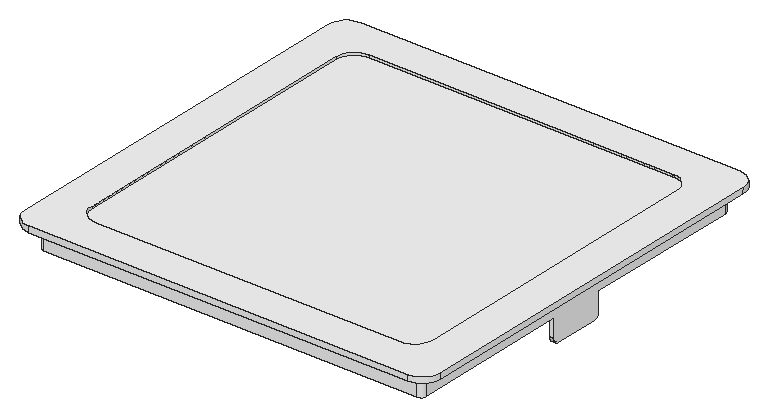
Revit family "0053893", category Lighting Fixtures, host Face, Revit 2016
Family settings
  Host = Face
  Part Type = Normal
  Round Connector Dimension = Use Diameter
  OmniClass Number = 23.80.70.11.14.11
  OmniClass Title = Downlights
  Cut with Voids When Loaded = No
  Light Source = Yes
  Shared = No
  Room Calculation Point = No
Parameters (values of type "0053893 ST eco Downlight Flat 206 Sq IP44 1750lm 830 DIM ")
  Weight = "7.94 kg"
  Wattage Comments = "n/a"
  Wattage = 18 W
  WarrantyStartDate [instance] = "n/a"
  WarrantyGuarantorParts = "n/a"
  WarrantyDurationUnit = "year"
  WarrantyDurationParts = "n/a"
  WarrantyDescription = "n/a"
  built-in parameter 1150110 = 1 (stored number, unit not read)
  Voltage = 230 V
  URL = "http://www.sylvania-lighting.com"
  TypeName = "ST eco Downlight Flat 206 Sq IP44 1750lm 830 DIM"
  Type Image = <None>
  Type Comments = "n/a"
  built-in parameter 1114217 = 1 (stored number, unit not read)
  Tilt Angle = -90.00°
  built-in parameter 1150109 = 1 (stored number, unit not read)
  built-in parameter 1150134 = (empty or 0)
  built-in parameter 1150113 = 1 (stored number, unit not read)
  SerialNumber [instance] = "n/a"
  ReflectorMaterial = none
  RecessedHeight_FEILO = 25 mm
  RecessedDiameter_FEILO = 209 mm
  PowerFactor = 0
  PowerConsumption = "18 W"
  Photometric Web File = "0053893.ies"
  NominalLength = 226 mm
  NominalHeight = 25 mm
  NominalDepth = 226 mm
  Name = "ST eco Downlight Flat 206 Sq IP44 1750lm 830 DIM"
  ModelReference = Name  # "ST eco Downlight Flat 206 Sq IP44 1750lm 830 DIM"
  ModelNumber = "0053893"
  Model = Name  # "ST eco Downlight Flat 206 Sq IP44 1750lm 830 DIM"
  Material = "Aluminium"
  ManufacturerName = "Feilo Sylvania"
  Manufacturer = "Feilo Sylvania"
  LuminousEfficacy = "97.22 lm/W"
  built-in parameter 1150105 = 139.26 (stored number, unit not read)
  Lumens = 1750 lm
  LuminaireType = "LED recessed downlight"
  built-in parameter 1150115 = 1 (stored number, unit not read)
  LightOutputRatio = "1"
  built-in parameter 1150137 = (empty or 0)
  built-in parameter 1150139 = (empty or 0)
  LampsType = Lamp  # "LED"
  LampNominalLuminous = "1750 lm"
  LampMacAdamStep = "n/a"
  LampColourTemperature = "3000 K"
  LampColourRenderingIndex = "80"
  built-in parameter 1150112 = 1 (stored number, unit not read)
  built-in parameter 1150114 = 1 (stored number, unit not read)
  Lamp = "LED"
  Keynote = "16500"
  InstallationDate [instance] = "n/a"
  InputVoltage = "220-240V~"
  InputNominalFrequency = "50/60 Hz"
  built-in parameter 1150132 = (empty or 0)
  built-in parameter 1150102 = (empty or 0)
  built-in parameter 1150107 = 3000 (stored number, unit not read)
  built-in parameter 1150138 = (empty or 0)
  IngressProtection = "IP44"
  ImpactProtectionIndex = "IK06"
  built-in parameter 1150106 = 1.3926 (stored number, unit not read)
  IfcExportType = "IfcLightFixtureType"
  IfcExportAs = "IfcLightFixtureType"
  ExpectedLife = 50000
  Emit from Rectangle Width = BodyLength_FEILO - 48 mm  # 178 mm
  Emit from Rectangle Length = BodyLength_FEILO - 48 mm  # 178 mm
  Emit Shape Visible in Rendering = no
  ElectricShockClassification = "Class II"
  built-in parameter 1150104 = 9.0322 (stored number, unit not read)
  DurationUnit = "hours"
  DocumentationLiterature = "http://www.sylvania-lighting.com/product/en-int/products/0053893"
  DimmingControlOptions = "Dimmable"
  Dimming Lamp Color Temperature Shift = <None>
  DiffuserMaterial = Diffuser-Sylvania-Glow
  Description = "Integrated LED recessed downlight providing 1150 fixture lumens at a wattage of 18W giving a high efficacy of 64lm/W. Fitting includes Leading/Trailing edge phase dimmable driver and has a square ceiling cut out of 206x206mm with an IP20 and IK02 rating providing uniform distribution with an Opal diffuser and 110° beam angle. Provided including a Loop in Loop out box and built Built white aluminium housing."
  Default Elevation = 1219.2 mm
  CutoutHeight_FEILO = 32 mm
  CreatedOn = "03-11-2017"
  CreatedBy = "aron.fodor@feilosylvania.com"
  Cost = 0
  Color Filter = 16777215
  built-in parameter 1114216 [instance] = (empty or 0)
  ClassificationValue = "EF_70_80"
  ClassificationName = "Uniclass2015"
  BodyWidth_FEILO = BodyLength_FEILO  # 226 mm
  BodyRadiusUpper = 3 mm
  BodyRadius = 10 mm
  BodyMaterial = Body-Sylvania-SylFlatDimmable-White
  BodyLength_FEILO = 226 mm
  BodyHeight_FEILO = 12 mm
  BarCode [instance] = "n/a"
  built-in parameter 1114218 = 1 (stored number, unit not read)
  built-in parameter 1150133 = 10 (stored number, unit not read)
  AssetType = "Fixed"
  AssetIdentifier [instance] = "n/a"
  Assembly Code = "D5020200"
  Apparent Load = 18 VA
  AccessoryMaterial = Diffuser-Sylvania-Glow
Reference planes
  plane 1 "Center (Front/Back)": y = 0
  plane 2: z = 0
  plane 3 "Center (Left/Right)": x = 0
  plane 4: x = 113
  plane 5: x = -113
  plane 6: y = 113
  plane 7: y = -113
  plane 8: z = 3
  plane 9: z = -25
  plane 10: x = 104.5
  plane 11: x = -104.5
  plane 12: y = 104.5
  plane 13: y = -104.5
  plane 14: z = 2
  plane 15: x = -93
  plane 16: z = -12
  plane 17: x = -102
  plane 18: x = 102
  plane 19: z = -32
  plane 20: x = 93
  plane 21: y = 93
  plane 22: y = -93
  plane 23: y = 15
  plane 24: y = -15
Forms (mm)
  Extrusion 1, solid, material "Body-Sylvania-SylFlatDimmable-White" <- "BodyMaterial"
    sketch origin (0, 0, 0) x (1, 0, 0) y (0, 1, 0)
      loop
        arc (-103, 113) -> (-110.071, 110.071) -> (-113, 103) r 10
        line (-113, 103) -> (-113, -103)
        arc (-113, -103) -> (-110.071, -110.071) -> (-103, -113) r 10
        line (-103, -113) -> (103, -113)
        arc (103, -113) -> (110.071, -110.071) -> (113, -103) r 10
        line (113, -103) -> (113, 103)
        arc (113, 103) -> (110.071, 110.071) -> (103, 113) r 10
        line (103, 113) -> (-103, 113)
      loop
        arc (-83, 93) -> (-90.071, 90.071) -> (-93, 83) r 10
        line (-93, 83) -> (-93, -83)
        arc (-93, -83) -> (-90.071, -90.071) -> (-83, -93) r 10
        line (-83, -93) -> (83, -93)
        arc (83, -93) -> (90.071, -90.071) -> (93, -83) r 10
        line (93, -83) -> (93, 83)
        arc (93, 83) -> (90.071, 90.071) -> (83, 93) r 10
        line (83, 93) -> (-83, 93)
    from 0 to 3
  Extrusion 2, solid, material "Diffuser-Sylvania-Glow" <- "DiffuserMaterial"
    sketch origin (0, 0, 0) x (1, 0, 0) y (0, 1, 0)
      loop
        line (-93, 83) -> (-93, -83)
        arc (-93, -83) -> (-90.071, -90.071) -> (-83, -93) r 10
        line (-83, -93) -> (83, -93)
        arc (83, -93) -> (90.071, -90.071) -> (93, -83) r 10
        line (93, -83) -> (93, 83)
        arc (93, 83) -> (90.071, 90.071) -> (83, 93) r 10
        line (83, 93) -> (-83, 93)
        arc (-83, 93) -> (-90.071, 90.071) -> (-93, 83) r 10
    from 0 to 2
  Extrusion 3, solid, material "Body-Sylvania-SylFlatDimmable-White" <- "BodyMaterial"
    sketch origin (0, 0, 0) x (1, 0, 0) y (0, 1, 0)
      loop
        arc (-101.5, 104.5) -> (-103.621, 103.621) -> (-104.5, 101.5) r 3
        line (-104.5, 101.5) -> (-104.5, -101.5)
        arc (-104.5, -101.5) -> (-103.621, -103.621) -> (-101.5, -104.5) r 3
        line (-101.5, -104.5) -> (101.5, -104.5)
        arc (101.5, -104.5) -> (103.621, -103.621) -> (104.5, -101.5) r 3
        line (104.5, -101.5) -> (104.5, 101.5)
        arc (104.5, 101.5) -> (103.621, 103.621) -> (101.5, 104.5) r 3
        line (101.5, 104.5) -> (-101.5, 104.5)
    from 0 to -12
  Extrusion 4, solid, material "Body-Sylvania-SylFlatDimmable-White" <- "BodyMaterial"
    sketch origin (-104.5, 1524, 1219.2) x (0, 1, 0) y (0, 0, 1)
      loop
        line (-1539, -1231.2) -> (-1539, -1241.2)
        arc (-1539, -1241.2) -> (-1538.121, -1243.321) -> (-1536, -1244.2) r 3
        line (-1536, -1244.2) -> (-1512, -1244.2)
        arc (-1512, -1244.2) -> (-1509.879, -1243.321) -> (-1509, -1241.2) r 3
        line (-1509, -1241.2) -> (-1509, -1231.2) -> (-1539, -1231.2)
    from 0 to 2.5
  Extrusion 5, solid, material "Body-Sylvania-SylFlatDimmable-White" <- "BodyMaterial"
    sketch origin (104.5, 1524, 1219.2) x (0, 1, 0) y (0, 0, 1)
      loop
        line (-1509, -1231.2) -> (-1539, -1231.2) -> (-1539, -1241.2)
        arc (-1539, -1241.2) -> (-1538.121, -1243.321) -> (-1536, -1244.2) r 3
        line (-1536, -1244.2) -> (-1512, -1244.2)
        arc (-1512, -1244.2) -> (-1509.879, -1243.321) -> (-1509, -1241.2) r 3
        line (-1509, -1241.2) -> (-1509, -1231.2)
    from 0 to -2.5
  Extrusion 6, void
    sketch origin (0, 0, 0) x (1, 0, 0) y (0, 1, 0)
      loop
        line (-104.5, 104.5) -> (-104.5, -104.5) -> (102, -104.5) -> (102, 104.5) -> (-104.5, 104.5)
    from 0 to -32
Cuts and joins
  joined: Extrusion 1, Extrusion 3, Extrusion 4, Extrusion 5
Dimensions and locks
  equal spacing: plane 5, plane 3 "Center (Left/Right)", plane 4
  equal spacing: plane 7, plane 1 "Center (Front/Back)", plane 6
  "BodyWidth_FEILO": plane 7 to plane 6
  "BodyLength_FEILO": plane 5 to plane 4
  "RecessedHeight_FEILO": plane 2 to plane 9
  locked: plane 8 to plane 2 at 3
  equal spacing: plane 11, plane 3 "Center (Left/Right)", plane 10
  "RecessedDiameter_FEILO": plane 11 to plane 10
  equal spacing: plane 13, plane 1 "Center (Front/Back)", plane 12
  "RecessedDiameter_FEILO": plane 13 to plane 12
  locked: plane 14 to plane 2 at 2
  locked: plane 15 to plane 5 at 20
  "BodyHeight_FEILO": plane 2 to plane 16
  equal spacing: plane 18, plane 3 "Center (Left/Right)", plane 17
  locked: plane 17 to plane 11 at 2.5
  "CutoutHeight_FEILO": plane 2 to plane 19
  equal spacing: plane 20, plane 3 "Center (Left/Right)", plane 15
  equal spacing: plane 22, plane 1 "Center (Front/Back)", plane 21
  locked: plane 21 to plane 6 at 20
  equal spacing: plane 24, plane 1 "Center (Front/Back)", plane 23
  locked: plane 1 "Center (Front/Back)" to plane 23 at 15
  "BodyRadius": radius of Extrusion 1 sketch curve  (x8)
  "BodyRadiusUpper": radius of Extrusion 3 sketch curve  (x4)
  "BodyRadiusUpper": radius of Extrusion 4 sketch curve  (x2)
  "BodyRadiusUpper": radius of Extrusion 5 sketch curve  (x2)
  aligned and locked: plane 2 to host face
  aligned and locked: level to host face
  aligned and locked: imposter light to plane 14
  aligned and locked: plane 3 "Center (Left/Right)" to imposter light
  aligned and locked: imposter light to plane 1 "Center (Front/Back)"
  aligned and locked: plane 6 to Extrusion 1 sketch curve
  aligned and locked: plane 5 to Extrusion 1 sketch curve
  aligned and locked: Extrusion 1 sketch curve to plane 7
  aligned and locked: Extrusion 1 sketch curve to plane 4
  aligned and locked: plane 21 to Extrusion 1 sketch curve
  aligned and locked: plane 15 to Extrusion 1 sketch curve
  aligned and locked: Extrusion 1 sketch curve to plane 22
  aligned and locked: Extrusion 1 sketch curve to plane 20
  aligned and locked: Extrusion 1 to plane 8
  aligned and locked: Extrusion 2 sketch curve to Extrusion 1  (x4)
  aligned and locked: Extrusion 2 to plane 14
  aligned and locked: Extrusion 2 to level
  aligned and locked: plane 12 to Extrusion 3 sketch curve
  aligned and locked: Extrusion 3 sketch curve to plane 13
  aligned and locked: Extrusion 3 sketch curve to plane 10
  aligned and locked: plane 16 to Extrusion 3
  aligned and locked: level to Extrusion 3
  aligned and locked: plane 11 to Extrusion 3 sketch curve
  aligned and locked: plane 16 to Extrusion 4 sketch curve
  aligned and locked: Extrusion 4 sketch curve to plane 24
  aligned and locked: Extrusion 4 sketch curve to plane 9
  aligned and locked: plane 23 to Extrusion 4 sketch curve
  aligned and locked: plane 17 to Extrusion 4
  aligned and locked: Extrusion 4 to plane 11
  aligned and locked: Extrusion 5 sketch curve to cut or joined group of Extrusion 1, Extrusion 3, Extrusion 4, Extrusion 5
  aligned and locked: plane 9 to Extrusion 5 sketch curve
  aligned and locked: plane 24 to Extrusion 5 sketch curve
  aligned and locked: Extrusion 5 sketch curve to plane 23
  aligned and locked: Extrusion 5 to plane 18
  aligned and locked: plane 10 to Extrusion 5
  aligned and locked: plane 12 to Extrusion 6 sketch curve
  aligned and locked: Extrusion 6 sketch curve to plane 18
  aligned and locked: plane 11 to Extrusion 6 sketch curve
  aligned and locked: Extrusion 6 sketch curve to plane 13
  aligned and locked: level to Extrusion 6
  aligned and locked: plane 19 to Extrusion 6
Automatic sketch dimensions
  host sketch curve to host sketch curve = 2438.4 mm  (x2)
  Extrusion 1 sketch curve to Extrusion 1 sketch curve = 0 mm
Connectors
  electrical at (0, 0, 0), driven by "Apparent Load", driven by "PowerFactor", driven by "Voltage"
    settings: index 1, voltage 230 V, apparent load 18 VA, apparent load phase1 0 VA, apparent load phase2 0 VA, apparent load phase3 0 VA, power factor 0, load classification "Lighting", number of poles 1, system type 30, power factor state 1, is connector primary yes, connector utility no, sub classification motor no, connector description ""
